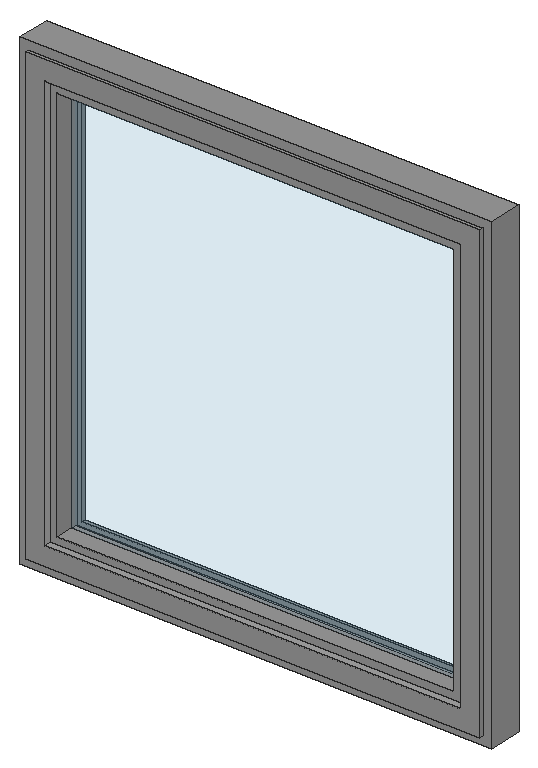
Revit family "Kawneer_Window_GT70s_Pos004", category Windows, host Wall, Revit 2020 (continued)
Definition of nested family "Kawneer_GT70s_Pos004"
  Definition of nested family "Kawneer_GT70s_Jamb"
    Lines and regions (mm)
      model lines, in view "Ref. Level", visible <- "Open", detail levels fine
        curve 306: arc (-55.22, -51.936, 0) -> (-54.7, -52.838, 0) -> (-54.519, -53.863, 0) r 2.996
        curve 307: arc (-54.519, -54.329, 0) -> (-54.502, -54.456, 0) -> (-54.452, -54.574, 0) r 0.5
        curve 308: arc (-53.6, -56.6, 0) -> (-53.659, -56.741, 0) -> (-53.8, -56.8, 0) r 0.2
        curve 309: arc (-54.821, -56.8, 0) -> (-55.08, -56.65, 0) -> (-55.08, -56.35, 0) r 0.3
        curve 310: arc (-55.08, -56.35, 0) -> (-55.6, -55.45, 0) -> (-56.12, -56.35, 0) r 0.6
        curve 311: arc (-56.12, -56.35, 0) -> (-56.12, -56.65, 0) -> (-56.379, -56.8, 0) r 0.3
        curve 312: arc (-57.2, -56.8, 0) -> (-57.341, -56.741, 0) -> (-57.4, -56.6, 0) r 0.2
        curve 313: arc (-56.897, -54.429, 0) -> (-57.114, -53.72, 0) -> (-57.645, -53.201, 0) r 1.5
        curve 314: arc (-58.45, -52.736, 0) -> (-58.816, -52.37, 0) -> (-58.95, -51.87, 0) r 1
        curve 315: arc (-58.95, -26.73, 0) -> (-58.816, -26.23, 0) -> (-58.45, -25.864, 0) r 1
        curve 316: arc (-57.645, -25.399, 0) -> (-57.114, -24.88, 0) -> (-56.897, -24.171, 0) r 1.5
        curve 317: arc (-57.4, -22, 0) -> (-57.341, -21.859, 0) -> (-57.2, -21.8, 0) r 0.2
        curve 318: arc (-56.379, -21.8, 0) -> (-56.12, -21.95, 0) -> (-56.12, -22.25, 0) r 0.3
        curve 319: arc (-56.12, -22.25, 0) -> (-55.6, -23.15, 0) -> (-55.08, -22.25, 0) r 0.6
        curve 320: arc (-55.08, -22.25, 0) -> (-55.08, -21.95, 0) -> (-54.821, -21.8, 0) r 0.3
        curve 321: arc (-53.8, -21.8, 0) -> (-53.659, -21.859, 0) -> (-53.6, -22, 0) r 0.2
        curve 322: arc (-54.452, -24.026, 0) -> (-54.502, -24.144, 0) -> (-54.519, -24.271, 0) r 0.5
        curve 323: arc (-54.519, -24.737, 0) -> (-54.672, -25.773, 0) -> (-55.221, -26.665, 0) r 2.599
        curve 324: arc (-56.605, -28.315, 0) -> (-57.095, -29.143, 0) -> (-57.303, -30.083, 0) r 3.049
        curve 325: arc (-57.303, -30.083, 0) -> (-57.455, -33.587, 0) -> (-57.536, -37.094, 0) r 172.05
        curve 326: arc (-57.536, -37.094, 0) -> (-57.392, -37.451, 0) -> (-57.036, -37.6, 0) r 0.5
        curve 327: arc (-48.75, -37.6, 0) -> (-48.326, -37.776, 0) -> (-48.15, -38.2, 0) r 0.6
        curve 328: arc (-48.15, -38.2, 0) -> (-48.326, -38.624, 0) -> (-48.75, -38.8, 0) r 0.6
        curve 329: arc (-48.748, -39.1, 0) -> (-47.848, -38.2, 0) -> (-48.748, -37.3, 0) r 0.9
        curve 330: arc (-53.348, -39.499, 0) -> (-54.248, -40.399, 0) -> (-53.348, -41.299, 0) r 0.9
        curve 331: arc (-42.707, -37.123, 0) -> (-42.519, -37.18, 0) -> (-42.324, -37.199, 0) r 1
        curve 332: arc (-38.348, -37.199, 0) -> (-37.641, -36.906, 0) -> (-37.348, -36.199, 0) r 1
        curve 333: arc (-37.348, -29.799, 0) -> (-37.788, -28.738, 0) -> (-38.848, -28.299, 0) r 1.5
        curve 334: arc (-42.548, -28.299, 0) -> (-43.609, -28.738, 0) -> (-44.048, -29.799, 0) r 1.5
        curve 335: arc (-44.048, -35.475, 0) -> (-43.972, -35.857, 0) -> (-43.755, -36.182, 0) r 1
        curve 336: arc (-43.031, -36.906, 0) -> (-42.879, -37.03, 0) -> (-42.707, -37.123, 0) r 1
        curve 337: arc (-37.348, -38.899, 0) -> (-37.641, -38.192, 0) -> (-38.348, -37.899, 0) r 1
        curve 338: arc (-41.918, -37.899, 0) -> (-42.372, -38.008, 0) -> (-42.728, -38.311, 0) r 1
        curve 339: arc (-43.857, -39.866, 0) -> (-43.999, -40.145, 0) -> (-44.048, -40.454, 0) r 1
        curve 340: arc (-44.048, -45.299, 0) -> (-43.609, -46.36, 0) -> (-42.548, -46.799, 0) r 1.5
        curve 341: arc (-38.848, -46.799, 0) -> (-37.788, -46.36, 0) -> (-37.348, -45.299, 0) r 1.5
        curve 342: arc (-44.898, -56.6, 0) -> (-44.957, -56.741, 0) -> (-45.098, -56.8, 0) r 0.2
        curve 343: arc (-45.919, -56.8, 0) -> (-46.179, -56.65, 0) -> (-46.178, -56.35, 0) r 0.3
        curve 344: arc (-46.178, -56.35, 0) -> (-46.698, -55.448, 0) -> (-47.218, -56.35, 0) r 0.601
        curve 345: arc (-47.218, -56.35, 0) -> (-47.218, -56.65, 0) -> (-47.478, -56.8, 0) r 0.3
        curve 346: arc (-48.498, -56.8, 0) -> (-48.64, -56.741, 0) -> (-48.698, -56.6, 0) r 0.2
        curve 347: arc (-47.846, -54.574, 0) -> (-47.797, -54.456, 0) -> (-47.779, -54.33, 0) r 0.5
        curve 348: arc (-47.779, -53.863, 0) -> (-47.598, -52.835, 0) -> (-47.075, -51.932, 0) r 2.996
        curve 349: arc (-45.75, -50.353, 0) -> (-45.229, -49.451, 0) -> (-45.048, -48.425, 0) r 3
        curve 350: arc (-45.048, -41.499, 0) -> (-45.195, -41.145, 0) -> (-45.548, -40.999, 0) r 0.5
        curve 351: arc (-53.348, -40.999, 0) -> (-53.948, -40.399, 0) -> (-53.348, -39.799, 0) r 0.6
        curve 352: arc (-45.299, -39.799, 0) -> (-45.072, -39.744, 0) -> (-44.895, -39.593, 0) r 0.5
        curve 353: arc (-44.177, -38.605, 0) -> (-43.975, -37.65, 0) -> (-44.55, -36.86, 0) r 1.2
        curve 354: arc (-44.55, -36.86, 0) -> (-44.756, -36.701, 0) -> (-44.915, -36.493, 0) r 1
        curve 355: arc (-44.915, -36.493, 0) -> (-45.015, -36.252, 0) -> (-45.048, -35.993, 0) r 1
        curve 356: arc (-45.048, -30.173, 0) -> (-45.23, -29.148, 0) -> (-45.75, -28.247, 0) r 3
        curve 357: arc (-47.078, -26.664, 0) -> (-47.599, -25.761, 0) -> (-47.779, -24.733, 0) r 2.996
        curve 358: arc (-47.779, -24.27, 0) -> (-47.797, -24.143, 0) -> (-47.847, -24.024, 0) r 0.5
        curve 359: arc (-48.698, -22, 0) -> (-48.639, -21.858, 0) -> (-48.498, -21.8, 0) r 0.2
        curve 360: arc (-47.478, -21.8, 0) -> (-47.218, -21.95, 0) -> (-47.218, -22.25, 0) r 0.3
        curve 361: arc (-47.218, -22.25, 0) -> (-46.698, -23.173, 0) -> (-46.179, -22.25, 0) r 0.608
        curve 362: arc (-46.179, -22.25, 0) -> (-46.179, -21.95, 0) -> (-45.919, -21.8, 0) r 0.3
        curve 363: arc (-45.098, -21.8, 0) -> (-44.957, -21.859, 0) -> (-44.898, -22, 0) r 0.2
        curve 364: arc (-45.402, -24.171, 0) -> (-45.184, -24.88, 0) -> (-44.653, -25.399, 0) r 1.5
        curve 365: arc (-43.848, -25.864, 0) -> (-43.509, -26.186, 0) -> (-43.354, -26.626, 0) r 1
        curve 366: arc (-43.354, -26.626, 0) -> (-43.11, -27.106, 0) -> (-42.608, -27.299, 0) r 0.75
        curve 367: arc (-37.848, -27.299, 0) -> (-36.788, -27.738, 0) -> (-36.348, -28.799, 0) r 1.5
        curve 368: arc (-36.348, -47.299, 0) -> (-36.386, -47.49, 0) -> (-36.495, -47.652, 0) r 0.5
        curve 369: arc (-36.495, -47.652, 0) -> (-36.657, -47.761, 0) -> (-36.848, -47.799, 0) r 0.5
        curve 370: arc (-42.348, -47.799, 0) -> (-43.055, -48.092, 0) -> (-43.348, -48.799, 0) r 1
        curve 371: arc (-43.348, -51.87, 0) -> (-43.482, -52.37, 0) -> (-43.848, -52.736, 0) r 1
        curve 372: arc (-44.653, -53.201, 0) -> (-45.184, -53.72, 0) -> (-45.402, -54.429, 0) r 1.5
        curve 373: arc (-23.123, -48.448, 0) -> (-22.961, -48.34, 0) -> (-22.769, -48.302, 0) r 0.5
        curve 374: arc (-21.98, -48.302, 0) -> (-21.592, -48.486, 0) -> (-21.49, -48.902, 0) r 0.5
        curve 375: arc (-21.49, -48.902, 0) -> (-21.837, -49.477, 0) -> (-22.469, -49.702, 0) r 1
        curve 376: arc (-22.769, -49.702, 0) -> (-23.123, -49.556, 0) -> (-23.269, -49.202, 0) r 0.5
        curve 377: arc (-23.269, -48.802, 0) -> (-23.231, -48.611, 0) -> (-23.123, -48.448, 0) r 0.5
        curve 378: arc (-23.269, -50.864, 0) -> (-23.123, -50.511, 0) -> (-22.769, -50.364, 0) r 0.5
        curve 379: arc (-22.469, -50.364, 0) -> (-22.116, -50.511, 0) -> (-21.969, -50.864, 0) r 0.5
        curve 380: arc (-21.969, -51.264, 0) -> (-22.116, -51.618, 0) -> (-22.469, -51.764, 0) r 0.5
        curve 381: arc (-22.769, -51.764, 0) -> (-23.123, -51.618, 0) -> (-23.269, -51.264, 0) r 0.5
        curve 382: arc (-22.417, -47.337, 0) -> (-23.203, -47.721, 0) -> (-23.75, -47.038, 0) r 0.7
        curve 383: arc (-23.75, -45.879, 0) -> (-23.828, -45.72, 0) -> (-24.001, -45.685, 0) r 0.2
        curve 384: arc (-24.001, -45.685, 0) -> (-24.538, -45.926, 0) -> (-24.969, -46.327, 0) r 1.8
        curve 385: arc (-24.969, -46.327, 0) -> (-25.247, -46.846, 0) -> (-25.343, -47.426, 0) r 1.8
        curve 386: arc (-25.478, -48.971, 0) -> (-26.249, -50.38, 0) -> (-27.807, -50.768, 0) r 2
        curve 387: arc (-37.792, -49.066, 0) -> (-37.975, -48.917, 0) -> (-37.74, -48.895, 0) r 0.127
        curve 388: arc (-33.917, -49.648, 0) -> (-33.407, -49.439, 0) -> (-33.399, -48.888, 0) r 0.5
        curve 389: arc (-33.399, -48.888, 0) -> (-34.305, -48.041, 0) -> (-35.507, -47.733, 0) r 2.5
        curve 390: arc (-38.535, -47.733, 0) -> (-39.49, -48.435, 0) -> (-39.104, -49.555, 0) r 1
        curve 391: arc (-38.829, -49.745, 0) -> (-34.447, -52.327, 0) -> (-29.736, -54.247, 0) r 35
        curve 392: arc (-24.062, -56.09, 0) -> (-23.882, -56.062, 0) -> (-23.8, -55.9, 0) r 0.2
        curve 393: arc (-23.8, -53.033, 0) -> (-23.123, -52.333, 0) -> (-22.402, -52.987, 0) r 0.7
        curve 394: arc (-19.45, -52.318, 0) -> (-19.34, -52.208, 0) -> (-19.3, -52.058, 0) r 0.3
        curve 395: arc (-19.3, -50.838, 0) -> (-19.703, -50.435, 0) -> (-20.105, -50.838, 0) r 0.403
        curve 396: arc (-20.105, -51.044, 0) -> (-20.43, -51.369, 0) -> (-20.755, -51.044, 0) r 0.325
        curve 397: arc (-20.755, -50.331, 0) -> (-20.665, -50.044, 0) -> (-20.427, -49.861, 0) r 0.5
        curve 398: arc (-20.427, -49.861, 0) -> (-19.714, -49.312, 0) -> (-19.443, -48.453, 0) r 1.5
        curve 399: arc (-19.443, -48.22, 0) -> (-19.482, -48.073, 0) -> (-19.588, -47.964, 0) r 0.3
        curve 400: arc (-21.314, 5.418, 0) -> (-21.379, 5.548, 0) -> (-21.514, 5.601, 0) r 0.2
        curve 401: arc (-22.186, 5.601, 0) -> (-22.321, 5.548, 0) -> (-22.386, 5.418, 0) r 0.2
        curve 402: arc (-22.499, 4.118, 0) -> (-22.447, 3.966, 0) -> (-22.3, 3.901, 0) r 0.2
        curve 403: arc (-21.4, 3.901, 0) -> (-21.253, 3.966, 0) -> (-21.201, 4.118, 0) r 0.2
        curve 404: arc (-19.374, 0.801, 0) -> (-18.827, 1.016, 0) -> (-18.575, 1.547, 0) r 0.8
        curve 405: arc (-18.575, 1.547, 0) -> (-18.557, 2.183, 0) -> (-18.588, 2.818, 0) r 8.2
        curve 406: arc (-18.588, 2.818, 0) -> (-18.652, 2.948, 0) -> (-18.787, 3.001, 0) r 0.2
        curve 407: arc (-22.98, 3.001, 0) -> (-23.079, 2.92, 0) -> (-23.018, 2.808, 0) r 0.1
        curve 408: arc (-23.018, 2.808, 0) -> (-21.725, 2.548, 0) -> (-20.427, 2.788, 0) r 3.48
        curve 409: arc (-20.427, 2.788, 0) -> (-19.497, 2.631, 0) -> (-19.262, 1.718, 0) r 0.866
        curve 410: arc (-19.262, 1.718, 0) -> (-19.522, 1.279, 0) -> (-19.938, 0.984, 0) r 1.222
        curve 411: arc (-24.001, 1.423, 0) -> (-23.692, 1.905, 0) -> (-23.21, 1.597, 0) r 0.405
        curve 412: arc (-23.21, 1.597, 0) -> (-22.892, 1.058, 0) -> (-22.318, 0.809, 0) r 1.009
        curve 413: arc (-22.318, 0.809, 0) -> (-22.054, 0.8, 0) -> (-21.79, 0.822, 0) r 2.275
        curve 414: arc (-21.79, 0.822, 0) -> (-21.531, 0.873, 0) -> (-21.28, 0.955, 0) r 2.275
        curve 415: arc (-21.28, 0.955, 0) -> (-20.591, 1.326, 0) -> (-20.012, 1.851, 0) r 3.222
        curve 416: arc (-20.012, 1.851, 0) -> (-20.004, 2.011, 0) -> (-20.157, 2.057, 0) r 0.13
        curve 417: arc (-20.157, 2.057, 0) -> (-22.9, 1.942, 0) -> (-25.143, 3.524, 0) r 4.258
        curve 418: arc (-25.143, 3.524, 0) -> (-25.167, 3.837, 0) -> (-24.9, 4.001, 0) r 0.3
        curve 419: arc (-23.5, 4.001, 0) -> (-23.359, 4.059, 0) -> (-23.3, 4.201, 0) r 0.2
        curve 420: arc (-23.735, 5.377, 0) -> (-23.897, 5.54, 0) -> (-23.8, 5.747, 0) r 0.2
        curve 421: arc (-19.9, 5.747, 0) -> (-19.803, 5.54, 0) -> (-19.965, 5.377, 0) r 0.2
        curve 422: arc (-20.4, 4.201, 0) -> (-20.341, 4.059, 0) -> (-20.2, 4.001, 0) r 0.2
        curve 423: arc (-18.2, 4.001, 0) -> (-18.008, 3.931, 0) -> (-17.905, 3.754, 0) r 0.3
        curve 424: arc (-17.905, 3.754, 0) -> (-17.771, 2.624, 0) -> (-17.778, 1.486, 0) r 9.161
        curve 425: arc (-17.778, 1.486, 0) -> (-18.282, 0.426, 0) -> (-19.374, -0.005, 0) r 1.6
        curve 426: arc (-22.244, -0.005, 0) -> (-23.371, 0.402, 0) -> (-24.001, 1.423, 0) r 1.819
        curve 427: arc (-34.4, -68.117, 0) -> (-34.452, -67.965, 0) -> (-34.6, -67.9, 0) r 0.2
        curve 428: arc (-35.4, -67.9, 0) -> (-35.547, -67.965, 0) -> (-35.599, -68.117, 0) r 0.2
        curve 429: arc (-35.485, -69.417, 0) -> (-35.421, -69.547, 0) -> (-35.286, -69.6, 0) r 0.2
        curve 430: arc (-36.686, -69.913, 0) -> (-36.839, -69.47, 0) -> (-36.516, -69.131, 0) r 0.45
        curve 431: arc (-36.4, -68.3, 0) -> (-36.488, -68.088, 0) -> (-36.7, -68, 0) r 0.3
        curve 432: arc (-39.099, -68, 0) -> (-39.319, -68.097, 0) -> (-39.398, -68.324, 0) r 0.3
        curve 433: arc (-39.4, -72, 0) -> (-40.226, -71.752, 0) -> (-40.779, -71.09, 0) r 1.5
        curve 434: arc (-40.779, -71.09, 0) -> (-41.567, -70.008, 0) -> (-42.747, -69.376, 0) r 3
        curve 435: arc (-46.63, -68.317, 0) -> (-46.991, -67.746, 0) -> (-46.453, -67.337, 0) r 0.5
        curve 436: arc (-41.435, -67.798, 0) -> (-41.072, -67.686, 0) -> (-40.892, -67.35, 0) r 0.5
        curve 437: arc (-40.892, -67.35, 0) -> (-40.406, -66.388, 0) -> (-39.4, -66, 0) r 1.5
        curve 438: arc (-32.4, -66, 0) -> (-31.339, -66.439, 0) -> (-30.9, -67.5, 0) r 1.5
        curve 439: arc (-33.3, -68, 0) -> (-33.512, -68.088, 0) -> (-33.6, -68.3, 0) r 0.3
        curve 440: arc (-59, -63.646, 0) -> (-59.146, -63.293, 0) -> (-59.5, -63.146, 0) r 0.5
        curve 441: arc (-64, -62.646, 0) -> (-63.854, -63, 0) -> (-63.5, -63.146, 0) r 0.5
        curve 442: arc (-63.5, -51.646, 0) -> (-63.854, -51.793, 0) -> (-64, -52.146, 0) r 0.5
        curve 443: arc (-59.5, -51.646, 0) -> (-59.146, -51.5, 0) -> (-59, -51.146, 0) r 0.5
        curve 444: arc (-64, -49.146, 0) -> (-63.854, -49.5, 0) -> (-63.5, -49.646, 0) r 0.5
        curve 445: arc (-59, -50.146, 0) -> (-59.146, -49.793, 0) -> (-59.5, -49.646, 0) r 0.5
        curve 446: arc (-59.5, -22.646, 0) -> (-59.146, -22.5, 0) -> (-59, -22.146, 0) r 0.5
        curve 447: arc (-63.5, -22.646, 0) -> (-63.854, -22.793, 0) -> (-64, -23.146, 0) r 0.5
        curve 448: arc (-59.001, -18.671, 0) -> (-59.138, -18.302, 0) -> (-59.5, -18.146, 0) r 0.5
        curve 449: arc (-61, -18.146, 0) -> (-61.354, -18.293, 0) -> (-61.5, -18.646, 0) r 0.5
        curve 450: arc (-62, -20.646, 0) -> (-61.646, -20.5, 0) -> (-61.5, -20.146, 0) r 0.5
        curve 451: arc (-62.188, -3.988, 0) -> (-61.976, -3.9, 0) -> (-61.764, -3.988, 0) r 0.3
        curve 452: arc (-61.205, -4.546, 0) -> (-61.097, -5.091, 0) -> (-61.559, -5.4, 0) r 0.5
        curve 453: arc (-64.238, -5.4, 0) -> (-65.238, -5.132, 0) -> (-65.97, -4.4, 0) r 2
        curve 454: arc (-67.5, -1.75, 0) -> (-67.683, -1.567, 0) -> (-67.933, -1.5, 0) r 0.5
        curve 455: arc (-76.078, -1.5, 0) -> (-77.11, -1.911, 0) -> (-77.576, -2.92, 0) r 1.5
        curve 456: arc (-77.744, -12.082, 0) -> (-77.458, -12.801, 0) -> (-76.744, -13.1, 0) r 1
        curve 457: arc (-60.356, -13.1, 0) -> (-59.481, -13.772, 0) -> (-59.903, -14.792, 0) r 0.906
        curve 458: arc (-61.534, -15.733, 0) -> (-61.655, -15.783, 0) -> (-61.784, -15.8, 0) r 0.5
        curve 459: arc (-62.25, -15.8, 0) -> (-62.391, -15.741, 0) -> (-62.45, -15.6, 0) r 0.2
        curve 460: arc (-61.709, -14.541, 0) -> (-61.665, -14.323, 0) -> (-61.85, -14.2, 0) r 0.2
        curve 461: arc (-77.3, -14.2, 0) -> (-77.654, -14.346, 0) -> (-77.8, -14.7, 0) r 0.5
        curve 462: arc (-77.8, -28.9, 0) -> (-77.654, -29.254, 0) -> (-77.3, -29.4, 0) r 0.5
        curve 463: arc (-77.2, -29.4, 0) -> (-76.846, -29.546, 0) -> (-76.7, -29.9, 0) r 0.5
        curve 464: arc (-76.7, -30.4, 0) -> (-76.846, -30.754, 0) -> (-77.2, -30.9, 0) r 0.5
        curve 465: arc (-78.5, -30.9, 0) -> (-78.854, -30.754, 0) -> (-79, -30.4, 0) r 0.5
        curve 466: arc (-79, -0.5, 0) -> (-78.854, -0.146, 0) -> (-78.5, 0, 0) r 0.5
        curve 467: arc (-64.7, 0, 0) -> (-64.346, -0.146, 0) -> (-64.2, -0.5, 0) r 0.5
        curve 468: arc (-64.2, -1, 0) -> (-64.259, -1.141, 0) -> (-64.4, -1.2, 0) r 0.2
        curve 469: arc (-65.566, -1.2, 0) -> (-65.999, -1.45, 0) -> (-65.999, -1.95, 0) r 0.5
        curve 470: arc (-64.989, -3.7, 0) -> (-64.623, -4.066, 0) -> (-64.123, -4.2, 0) r 1
        curve 471: arc (-62.566, -4.2, 0) -> (-62.413, -4.17, 0) -> (-62.283, -4.083, 0) r 0.4
        curve 472: spline (-76.891, -35.351, 0) -> (-77.086, -35.603, 0) -> (-77.298, -35.838, 0) -> (-77.527, -36.055, 0) -> (-77.77, -36.253, 0) -> (-78.026, -36.43, 0) -> (-78.295, -36.586, 0) -> (-78.574, -36.719, 0) -> (-78.861, -36.83, 0) -> (-79.156, -36.916, 0) -> (-79.456, -36.978, 0) -> (-79.759, -37.016, 0) -> (-80.064, -37.028, 0)
        curve 473: spline (-76.891, -35.351, 0) -> (-76.752, -35.2, 0) -> (-76.596, -35.069, 0) -> (-76.426, -34.96, 0) -> (-76.245, -34.876, 0) -> (-76.055, -34.816, 0) -> (-75.859, -34.784, 0) -> (-75.661, -34.778, 0) -> (-75.464, -34.799, 0) -> (-75.272, -34.847, 0) -> (-75.086, -34.921, 0) -> (-74.911, -35.02, 0) -> (-74.749, -35.142, 0)
        curve 474: spline (-69.697, -37.028, 0) -> (-70.151, -37.017, 0) -> (-70.604, -36.978, 0) -> (-71.054, -36.912, 0) -> (-71.501, -36.819, 0) -> (-71.941, -36.698, 0) -> (-72.374, -36.551, 0) -> (-72.799, -36.378, 0) -> (-73.214, -36.179, 0) -> (-73.618, -35.955, 0) -> (-74.009, -35.707, 0) -> (-74.387, -35.436, 0) -> (-74.749, -35.142, 0)
        curve 475: spline (-69.509, -35.776, 0) -> (-69.382, -35.84, 0) -> (-69.273, -35.934, 0) -> (-69.186, -36.053, 0) -> (-69.128, -36.189, 0) -> (-69.102, -36.337, 0) -> (-69.108, -36.487, 0) -> (-69.146, -36.632, 0) -> (-69.214, -36.763, 0) -> (-69.31, -36.873, 0) -> (-69.426, -36.957, 0) -> (-69.557, -37.01, 0) -> (-69.697, -37.028, 0)
        curve 476: spline (-69.509, -35.776, 0) -> (-69.816, -35.653, 0) -> (-70.115, -35.509, 0) -> (-70.404, -35.344, 0) -> (-70.683, -35.159, 0) -> (-70.95, -34.956, 0) -> (-71.204, -34.733, 0) -> (-71.444, -34.494, 0) -> (-71.668, -34.238, 0) -> (-71.877, -33.967, 0) -> (-72.068, -33.682, 0) -> (-72.242, -33.384, 0) -> (-72.397, -33.074, 0)
        curve 477: spline (-72.397, -33.074, 0) -> (-72.462, -32.932, 0) -> (-72.527, -32.789, 0) -> (-72.59, -32.645, 0) -> (-72.653, -32.501, 0) -> (-72.716, -32.357, 0) -> (-72.777, -32.213, 0) -> (-72.838, -32.068, 0) -> (-72.897, -31.922, 0) -> (-72.956, -31.776, 0) -> (-73.015, -31.63, 0) -> (-73.072, -31.484, 0) -> (-73.129, -31.337, 0)
        curve 478: spline (-73.736, -30.94, 0) -> (-73.673, -30.938, 0) -> (-73.609, -30.943, 0) -> (-73.547, -30.955, 0) -> (-73.486, -30.974, 0) -> (-73.427, -30.999, 0) -> (-73.371, -31.032, 0) -> (-73.319, -31.07, 0) -> (-73.271, -31.114, 0) -> (-73.227, -31.163, 0) -> (-73.189, -31.217, 0) -> (-73.156, -31.276, 0) -> (-73.129, -31.337, 0)
        curve 479: spline (-74.46, -31.008, 0) -> (-74.479, -31.009, 0) -> (-74.499, -31.009, 0) -> (-74.518, -31.007, 0) -> (-74.538, -31.004, 0) -> (-74.557, -31, 0) -> (-74.576, -30.994, 0) -> (-74.594, -30.987, 0) -> (-74.613, -30.979, 0) -> (-74.63, -30.969, 0) -> (-74.647, -30.959, 0) -> (-74.663, -30.947, 0) -> (-74.679, -30.934, 0)
        curve 480: spline (-75.611, -30.412, 0) -> (-75.589, -30.378, 0) -> (-75.563, -30.348, 0) -> (-75.533, -30.323, 0) -> (-75.5, -30.303, 0) -> (-75.464, -30.289, 0) -> (-75.427, -30.28, 0) -> (-75.389, -30.278, 0) -> (-75.351, -30.282, 0) -> (-75.314, -30.292, 0) -> (-75.279, -30.308, 0) -> (-75.246, -30.33, 0) -> (-75.217, -30.356, 0)
        curve 481: spline (-75.856, -30.867, 0) -> (-75.87, -30.891, 0) -> (-75.886, -30.913, 0) -> (-75.904, -30.934, 0) -> (-75.923, -30.953, 0) -> (-75.944, -30.97, 0) -> (-75.966, -30.985, 0) -> (-75.989, -30.998, 0) -> (-76.013, -31.009, 0) -> (-76.038, -31.017, 0) -> (-76.064, -31.023, 0) -> (-76.09, -31.027, 0) -> (-76.116, -31.028, 0)
        curve 482: spline (-78.894, -31.028, 0) -> (-78.936, -31.025, 0) -> (-78.976, -31.016, 0) -> (-79.015, -31.001, 0) -> (-79.052, -30.98, 0) -> (-79.085, -30.954, 0) -> (-79.115, -30.924, 0) -> (-79.141, -30.889, 0) -> (-79.162, -30.851, 0) -> (-79.178, -30.81, 0) -> (-79.189, -30.767, 0) -> (-79.194, -30.723, 0) -> (-79.193, -30.679, 0)
        curve 483: spline (-79.492, -27.974, 0) -> (-79.442, -27.935, 0) -> (-79.384, -27.908, 0) -> (-79.323, -27.894, 0) -> (-79.26, -27.895, 0) -> (-79.199, -27.909, 0) -> (-79.141, -27.937, 0) -> (-79.091, -27.977, 0) -> (-79.049, -28.027, 0) -> (-79.018, -28.085, 0) -> (-78.999, -28.149, 0) -> (-78.993, -28.216, 0) -> (-79, -28.283, 0)
        curve 484: spline (-80.487, -29.447, 0) -> (-80.428, -29.308, 0) -> (-80.364, -29.171, 0) -> (-80.296, -29.037, 0) -> (-80.223, -28.906, 0) -> (-80.146, -28.778, 0) -> (-80.064, -28.652, 0) -> (-79.979, -28.53, 0) -> (-79.889, -28.412, 0) -> (-79.796, -28.297, 0) -> (-79.698, -28.185, 0) -> (-79.597, -28.078, 0) -> (-79.492, -27.974, 0)
        curve 485: spline (-81.118, -32.084, 0) -> (-81.09, -31.859, 0) -> (-81.057, -31.634, 0) -> (-81.019, -31.41, 0) -> (-80.978, -31.187, 0) -> (-80.931, -30.965, 0) -> (-80.881, -30.744, 0) -> (-80.826, -30.524, 0) -> (-80.767, -30.306, 0) -> (-80.703, -30.089, 0) -> (-80.635, -29.873, 0) -> (-80.563, -29.659, 0) -> (-80.487, -29.447, 0)
        curve 486: spline (-81.118, -32.084, 0) -> (-81.15, -32.334, 0) -> (-81.187, -32.583, 0) -> (-81.23, -32.831, 0) -> (-81.278, -33.078, 0) -> (-81.331, -33.323, 0) -> (-81.39, -33.568, 0) -> (-81.454, -33.81, 0) -> (-81.524, -34.051, 0) -> (-81.599, -34.29, 0) -> (-81.679, -34.527, 0) -> (-81.764, -34.762, 0) -> (-81.855, -34.995, 0)
        curve 487: spline (-81.415, -35.586, 0) -> (-81.486, -35.593, 0) -> (-81.558, -35.586, 0) -> (-81.627, -35.566, 0) -> (-81.692, -35.532, 0) -> (-81.75, -35.487, 0) -> (-81.8, -35.431, 0) -> (-81.839, -35.367, 0) -> (-81.868, -35.296, 0) -> (-81.884, -35.221, 0) -> (-81.887, -35.144, 0) -> (-81.877, -35.068, 0) -> (-81.855, -34.995, 0)
        curve 488: spline (-79.268, -33.411, 0) -> (-79.353, -33.668, 0) -> (-79.458, -33.917, 0) -> (-79.583, -34.156, 0) -> (-79.726, -34.382, 0) -> (-79.887, -34.594, 0) -> (-80.064, -34.791, 0) -> (-80.255, -34.971, 0) -> (-80.461, -35.133, 0) -> (-80.678, -35.276, 0) -> (-80.906, -35.399, 0) -> (-81.143, -35.5, 0) -> (-81.387, -35.579, 0)
        curve 489: spline (-79.268, -33.411, 0) -> (-79.192, -33.241, 0) -> (-79.074, -33.101, 0) -> (-78.923, -33.005, 0) -> (-78.752, -32.96, 0) -> (-78.576, -32.969, 0) -> (-78.411, -33.033, 0) -> (-78.27, -33.145, 0) -> (-78.165, -33.297, 0) -> (-78.106, -33.474, 0) -> (-78.097, -33.662, 0) -> (-78.14, -33.845, 0) -> (-78.23, -34.007, 0)
        curve 490: spline (-78.23, -34.007, 0) -> (-78.307, -34.114, 0) -> (-78.39, -34.217, 0) -> (-78.477, -34.315, 0) -> (-78.568, -34.409, 0) -> (-78.664, -34.498, 0) -> (-78.763, -34.581, 0) -> (-78.866, -34.66, 0) -> (-78.973, -34.733, 0) -> (-79.083, -34.8, 0) -> (-79.196, -34.861, 0) -> (-79.311, -34.917, 0) -> (-79.429, -34.966, 0)
        curve 491: spline (-79.429, -34.966, 0) -> (-79.679, -35.072, 0) -> (-79.932, -35.17, 0) -> (-80.187, -35.261, 0) -> (-80.444, -35.345, 0) -> (-80.703, -35.421, 0) -> (-80.964, -35.49, 0) -> (-81.226, -35.552, 0) -> (-81.49, -35.605, 0) -> (-81.755, -35.651, 0) -> (-82.022, -35.69, 0) -> (-82.289, -35.721, 0) -> (-82.557, -35.744, 0)
        curve 492: spline (-82.517, -37.028, 0) -> (-82.669, -37.007, 0) -> (-82.811, -36.945, 0) -> (-82.934, -36.847, 0) -> (-83.029, -36.719, 0) -> (-83.092, -36.569, 0) -> (-83.116, -36.407, 0) -> (-83.102, -36.243, 0) -> (-83.049, -36.089, 0) -> (-82.962, -35.954, 0) -> (-82.845, -35.847, 0) -> (-82.707, -35.776, 0) -> (-82.557, -35.744, 0)
        curve 493: arc (-76.397, -68.865, 0) -> (-76.441, -69.029, 0) -> (-76.594, -69.1, 0) r 0.2
        curve 494: arc (-76.75, -69.1, 0) -> (-76.928, -69.208, 0) -> (-76.914, -69.415, 0) r 0.2
        curve 495: arc (-76.494, -70.015, 0) -> (-76.422, -70.077, 0) -> (-76.33, -70.1, 0) r 0.2
        curve 496: arc (-75.765, -70.1, 0) -> (-75.665, -70.073, 0) -> (-75.592, -70, 0) r 0.2
        curve 497: arc (-75.173, -69.274, 0) -> (-75, -69.174, 0) -> (-74.827, -69.274, 0) r 0.2
        curve 498: arc (-74.408, -70, 0) -> (-74.335, -70.073, 0) -> (-74.235, -70.1, 0) r 0.2
        curve 499: arc (-73.67, -70.1, 0) -> (-73.578, -70.077, 0) -> (-73.506, -70.015, 0) r 0.2
        curve 500: arc (-73.086, -69.415, 0) -> (-73.073, -69.207, 0) -> (-73.25, -69.1, 0) r 0.2
        curve 501: arc (-73.406, -69.1, 0) -> (-73.559, -69.029, 0) -> (-73.603, -68.865, 0) r 0.2
        curve 502: arc (-71.41, -68, 0) -> (-71.275, -67.947, 0) -> (-71.211, -67.817, 0) r 0.2
        curve 503: arc (-70.835, -65.217, 0) -> (-70.886, -65.065, 0) -> (-71.034, -65, 0) r 0.2
        curve 504: arc (-72.747, -65, 0) -> (-72.868, -65.041, 0) -> (-72.94, -65.148, 0) r 0.2
        curve 505: arc (-73.101, -65.752, 0) -> (-73.173, -65.859, 0) -> (-73.295, -65.9, 0) r 0.2
        curve 506: arc (-76.706, -65.9, 0) -> (-76.827, -65.858, 0) -> (-76.899, -65.752, 0) r 0.2
        curve 507: arc (-77.06, -65.148, 0) -> (-77.132, -65.041, 0) -> (-77.253, -65, 0) r 0.2
        curve 508: arc (-78.966, -65, 0) -> (-79.114, -65.065, 0) -> (-79.165, -65.217, 0) r 0.2
        curve 509: arc (-78.789, -67.817, 0) -> (-78.725, -67.947, 0) -> (-78.59, -68, 0) r 0.2
        curve 631: line (-36.392, -66, 0) -> (-38.5, -68, 0)
        curve 668: line (-57, -70.5, 0) -> (-54.5, -70.5, 0)
        curve 669: line (-54, -70, 0) -> (-54, -67.8, 0)
        curve 670: line (-52, -65.8, 0) -> (-47.3, -65.8, 0)
        curve 671: line (-47.1, -65.6, 0) -> (-47.1, -58.6, 0)
        curve 672: line (-47.3, -58.4, 0) -> (-57.3, -58.4, 0)
        curve 673: line (-57.5, -58.6, 0) -> (-57.5, -70, 0)
        curve 674: line (-51.5, -72, 0) -> (-78.5, -72, 0)
        curve 675: line (-79, -71.5, 0) -> (-79, -68.5, 0)
        curve 676: line (-75.384, -69.639, 0) -> (-76.5, -68.5, 0)
        curve 677: line (-76.5, -68.5, 0) -> (-76.5, -68.8, 0)
        curve 678: line (-76.5, -68.8, 0) -> (-76.55, -68, 0)
        curve 679: line (-76.55, -68, 0) -> (-78.5, -68, 0)
        curve 680: line (-78.5, -68, 0) -> (-77, -68, 0)
        curve 681: line (-77, -68, 0) -> (-79.057, -65.967, 0)
        curve 682: line (-76.7, -69, 0) -> (-77.3, -69, 0)
        curve 683: line (-77.8, -69.5, 0) -> (-77.8, -70.1, 0)
        curve 684: line (-77.3, -70.6, 0) -> (-72.7, -70.6, 0)
        curve 685: line (-72.2, -70.1, 0) -> (-72.2, -69.5, 0)
        curve 686: line (-72.7, -69, 0) -> (-73.3, -69, 0)
        curve 687: line (-71.41, -68, 0) -> (-73.45, -68, 0)
        curve 688: line (-73.45, -68, 0) -> (-73.5, -68.8, 0)
        curve 689: line (-73.5, -68.8, 0) -> (-73.5, -68.5, 0)
        curve 690: line (-73.5, -68.5, 0) -> (-74.616, -69.639, 0)
        curve 691: line (-70.943, -65.967, 0) -> (-73, -68, 0)
        curve 692: line (-73, -68, 0) -> (-69.9, -68, 0)
        curve 693: line (-69.9, -68.8, 0) -> (-70.8, -68.8, 0)
        curve 694: line (-71, -69, 0) -> (-71, -69.9, 0)
        curve 695: line (-70.5, -70.4, 0) -> (-68, -70.4, 0)
        curve 696: line (-68, -70.4, 0) -> (-59.489, -70.211, 0)
        curve 697: line (-59, -69.711, 0) -> (-59, -53.933, 0)
        curve 698: line (-56.973, -55.042, 0) -> (-57.587, -56.523, 0)
        curve 699: line (-57.402, -56.8, 0) -> (-53.8, -56.8, 0)
        curve 700: line (-53.8, -56.8, 0) -> (-54.821, -56.8, 0)
        curve 701: line (-53.6, -56.6, 0) -> (-53.6, -56.06, 0)
        curve 702: line (-53.6, -56.06, 0) -> (-54.386, -54.698, 0)
        curve 703: line (-54.386, -54.698, 0) -> (-53.6, -56.05, 0)
        curve 704: line (-53.6, -56.05, 0) -> (-53.6, -56.6, 0)
        curve 705: line (-54.519, -53.863, 0) -> (-54.416, -54.3, 0)
        curve 706: line (-54.416, -54.3, 0) -> (-54.039, -54.3, 0)
        curve 707: line (-48.261, -54.3, 0) -> (-47.884, -54.3, 0)
        curve 708: line (-47.884, -54.3, 0) -> (-47.779, -53.863, 0)
        curve 709: line (-47.914, -54.698, 0) -> (-48.7, -56.06, 0)
        curve 710: line (-48.7, -56.06, 0) -> (-48.7, -56.6, 0)
        curve 711: line (-48.7, -56.6, 0) -> (-48.698, -56.05, 0)
        curve 712: line (-48.698, -56.05, 0) -> (-47.846, -54.574, 0)
        curve 713: line (-47.478, -56.8, 0) -> (-48.5, -56.8, 0)
        curve 714: line (-48.5, -56.8, 0) -> (-44.898, -56.8, 0)
        curve 715: line (-44.713, -56.523, 0) -> (-45.327, -55.042, 0)
        curve 716: line (-44.898, -56.6, 0) -> (-44.898, -55.719, 0)
        curve 717: line (-44.898, -55.719, 0) -> (-45.48, -54.672, 0)
        curve 718: line (-45.48, -54.672, 0) -> (-44.379, -54.036, 0)
        curve 719: line (-44.379, -54.036, 0) -> (-43.75, -53.673, 0)
        curve 720: line (-43.3, -53.933, 0) -> (-43.3, -57.228, 0)
        curve 721: line (-43.13, -57.426, 0) -> (-42.263, -57.588, 0)
        curve 722: line (-42.1, -57.785, 0) -> (-42.1, -58.4, 0)
        curve 723: line (-42.3, -58.6, 0) -> (-45.1, -58.6, 0)
        curve 724: line (-45.6, -59.1, 0) -> (-45.6, -65.3, 0)
        curve 725: line (-45.1, -65.8, 0) -> (-43.7, -65.8, 0)
        curve 726: line (-43.2, -66.3, 0) -> (-43.2, -66.8, 0)
        curve 727: line (-43.7, -67.3, 0) -> (-52, -67.3, 0)
        curve 728: line (-52.5, -67.8, 0) -> (-52.5, -70, 0)
        curve 729: line (-52, -70.5, 0) -> (-51.5, -70.5, 0)
        curve 730: line (-51, -71, 0) -> (-51, -71.5, 0)
        curve 731: line (-41.8, 6.3, 0) -> (-41.8, -19.8, 0)
        curve 732: line (-42, -20, 0) -> (-43.6, -20, 0)
        curve 733: line (-43.946, -20.2, 0) -> (-55.527, -20.2, 0)
        curve 734: line (-55.873, -20, 0) -> (-57, -20, 0)
        curve 735: line (-57.2, -19.8, 0) -> (-57.2, -18.7, 0)
        curve 736: line (-57.5, -18.313, 0) -> (-57.5, -3.887, 0)
        curve 737: line (-57.2, -3.5, 0) -> (-57.2, -2.405, 0)
        curve 738: line (-59.482, -0.3, 0) -> (-61.418, -0.3, 0)
        curve 739: line (-61.828, 0.487, 0) -> (-57.767, 6.287, 0)
        curve 740: line (-57.357, 6.5, 0) -> (-42, 6.5, 0)
        curve 741: line (-20, 8, 0) -> (-57.357, 8, 0)
        curve 742: line (-58.996, 7.147, 0) -> (-63.91, 0.129, 0)
        curve 743: line (-64, -0.158, 0) -> (-64, -2.342, 0)
        curve 744: line (-62.5, -4, 0) -> (-62.5, -2.3, 0)
        curve 745: line (-62, -1.8, 0) -> (-59.5, -1.8, 0)
        curve 746: line (-59, -2.3, 0) -> (-59, -15.8, 0)
        curve 747: line (-59.5, -16.3, 0) -> (-62, -16.3, 0)
        curve 748: line (-62.5, -15.8, 0) -> (-62.5, -14.4, 0)
        curve 749: line (-63.8, -15.839, 0) -> (-63.8, -17, 0)
        curve 750: line (-62.8, -18, 0) -> (-59.7, -18, 0)
        curve 751: line (-59, -22.146, 0) -> (-59, -18.7, 0)
        curve 752: line (-59, -18.7, 0) -> (-59, -24.667, 0)
        curve 753: line (-58.55, -24.927, 0) -> (-57.921, -24.564, 0)
        curve 754: line (-57.921, -24.564, 0) -> (-56.82, -23.928, 0)
        curve 755: line (-56.82, -23.928, 0) -> (-57.4, -22.881, 0)
        curve 756: line (-57.4, -22.881, 0) -> (-57.4, -22, 0)
        curve 757: line (-56.973, -23.558, 0) -> (-57.587, -22.077, 0)
        curve 758: line (-57.402, -21.8, 0) -> (-53.8, -21.8, 0)
        curve 759: line (-53.8, -21.8, 0) -> (-54.821, -21.8, 0)
        curve 760: line (-54.452, -24.026, 0) -> (-53.6, -22.55, 0)
        curve 761: line (-53.6, -22.55, 0) -> (-53.6, -22, 0)
        curve 762: line (-53.6, -22, 0) -> (-53.6, -22.54, 0)
        curve 763: line (-53.6, -22.54, 0) -> (-54.386, -23.902, 0)
        curve 764: line (-54.519, -24.737, 0) -> (-54.416, -24.3, 0)
        curve 765: line (-54.416, -24.3, 0) -> (-54.039, -24.3, 0)
        curve 766: line (-48.261, -24.3, 0) -> (-47.884, -24.3, 0)
        curve 767: line (-47.884, -24.3, 0) -> (-47.779, -24.733, 0)
        curve 768: line (-48.698, -22.027, 0) -> (-48.698, -22.55, 0)
        curve 769: line (-48.698, -22.55, 0) -> (-47.914, -23.902, 0)
        curve 770: line (-47.914, -23.902, 0) -> (-48.7, -22.54, 0)
        curve 771: line (-48.7, -22.54, 0) -> (-48.7, -22, 0)
        curve 772: line (-47.478, -21.8, 0) -> (-48.5, -21.8, 0)
        curve 773: line (-48.5, -21.8, 0) -> (-44.898, -21.8, 0)
        curve 774: line (-44.713, -22.077, 0) -> (-45.327, -23.558, 0)
        curve 775: line (-43.3, -24.667, 0) -> (-43.3, -22.3, 0)
        curve 776: line (-42.8, -21.8, 0) -> (-42, -21.8, 0)
        curve 777: line (-41.654, -22, 0) -> (-36, -22, 0)
        curve 778: line (-35.5, -21.5, 0) -> (-35.5, -18, 0)
        curve 779: line (-36, -17.5, 0) -> (-36.5, -17.5, 0)
        curve 780: line (-37, -18, 0) -> (-37, -19.5, 0)
        curve 781: line (-37.5, -20, 0) -> (-39.207, -20, 0)
        curve 782: line (-40, -19.207, 0) -> (-40, -0.793, 0)
        curve 783: line (-39.207, 0, 0) -> (-37.5, 0, 0)
        curve 784: line (-37, -0.5, 0) -> (-37, -2, 0)
        curve 785: line (-36.5, -2.5, 0) -> (-36, -2.5, 0)
        curve 786: line (-35.5, -2, 0) -> (-35.5, 1.5, 0)
        curve 787: line (-36, 2, 0) -> (-39.5, 2, 0)
        curve 788: line (-40, 2.5, 0) -> (-40, 4.7, 0)
        curve 789: line (-38.5, 6.2, 0) -> (-25.6, 6.2, 0)
        curve 790: line (-25.1, 5.7, 0) -> (-25.1, 4.5, 0)
        curve 791: line (-24.6, 4, 0) -> (-23.8, 4, 0)
        curve 792: line (-23.8, 4, 0) -> (-22.742, 3.001, 0)
        curve 793: line (-23.3, 4.5, 0) -> (-23.3, 4.8, 0)
        curve 794: line (-23.5, 5, 0) -> (-23.8, 5, 0)
        curve 795: line (-24.3, 5.5, 0) -> (-24.3, 6.1, 0)
        curve 796: line (-23.8, 6.6, 0) -> (-19.7, 6.6, 0)
        curve 797: line (-19.2, 6.1, 0) -> (-19.2, 5.5, 0)
        curve 798: line (-19.7, 5, 0) -> (-20.2, 5, 0)
        curve 799: line (-21.999, 6.501, 0) -> (-20.4, 4.8, 0)
        curve 800: line (-20.4, 4.8, 0) -> (-20.4, 4.5, 0)
        curve 801: line (-19.9, 4, 0) -> (-18.5, 4, 0)
        curve 802: line (-18, 4.5, 0) -> (-18, 6, 0)
        curve 803: line (-48.75, -38.8, 0) -> (-57.05, -38.8, 0)
        curve 804: line (-56.605, -50.286, 0) -> (-55.22, -51.936, 0)
        curve 805: line (-56.379, -56.8, 0) -> (-57.2, -56.8, 0)
        curve 806: line (-57.4, -56.6, 0) -> (-57.4, -55.719, 0)
        curve 807: line (-57.4, -55.719, 0) -> (-56.919, -54.558, 0)
        curve 808: line (-56.919, -54.558, 0) -> (-58.55, -53.673, 0)
        curve 809: line (-57.645, -53.201, 0) -> (-58.45, -52.736, 0)
        curve 810: line (-58.95, -51.87, 0) -> (-58.95, -26.73, 0)
        curve 811: line (-58.45, -25.864, 0) -> (-57.645, -25.399, 0)
        curve 812: line (-57.2, -21.8, 0) -> (-56.379, -21.8, 0)
        curve 813: line (-55.221, -26.665, 0) -> (-56.605, -28.315, 0)
        curve 814: line (-57.036, -37.6, 0) -> (-48.75, -37.6, 0)
        curve 815: line (-56.414, -37.3, 0) -> (-48.748, -37.3, 0)
        curve 816: line (-48.748, -39.1, 0) -> (-56.414, -39.1, 0)
        curve 817: line (-45.477, -41.299, 0) -> (-53.348, -41.299, 0)
        curve 818: line (-53.348, -39.499, 0) -> (-45.477, -39.499, 0)
        curve 819: line (-42.324, -37.199, 0) -> (-38.348, -37.199, 0)
        curve 820: line (-37.348, -36.199, 0) -> (-37.348, -29.799, 0)
        curve 821: line (-38.848, -28.299, 0) -> (-42.548, -28.299, 0)
        curve 822: line (-44.048, -29.799, 0) -> (-44.048, -35.475, 0)
        curve 823: line (-43.755, -36.182, 0) -> (-43.031, -36.906, 0)
        curve 824: line (-37.348, -45.299, 0) -> (-37.348, -38.899, 0)
        curve 825: line (-38.348, -37.899, 0) -> (-41.918, -37.899, 0)
        curve 826: line (-42.728, -38.311, 0) -> (-43.857, -39.866, 0)
        curve 827: line (-44.048, -40.454, 0) -> (-44.048, -45.299, 0)
        curve 828: line (-42.548, -46.799, 0) -> (-38.848, -46.799, 0)
        curve 829: line (-45.098, -56.8, 0) -> (-45.919, -56.8, 0)
        curve 830: line (-47.075, -51.932, 0) -> (-45.75, -50.353, 0)
        curve 831: line (-45.048, -48.425, 0) -> (-45.048, -41.499, 0)
        curve 832: line (-45.548, -40.999, 0) -> (-53.348, -40.999, 0)
        curve 833: line (-53.348, -39.799, 0) -> (-45.299, -39.799, 0)
        curve 834: line (-44.895, -39.593, 0) -> (-44.177, -38.605, 0)
        curve 835: line (-45.048, -35.993, 0) -> (-45.048, -30.173, 0)
        curve 836: line (-45.75, -28.247, 0) -> (-47.078, -26.664, 0)
        curve 837: line (-45.919, -21.8, 0) -> (-45.098, -21.8, 0)
        curve 838: line (-44.898, -22, 0) -> (-44.898, -22.881, 0)
        curve 839: line (-44.898, -22.881, 0) -> (-45.379, -24.042, 0)
        curve 840: line (-45.379, -24.042, 0) -> (-44.379, -24.564, 0)
        curve 841: line (-44.379, -24.564, 0) -> (-43.75, -24.927, 0)
        curve 842: line (-44.653, -25.399, 0) -> (-43.848, -25.864, 0)
        curve 843: line (-42.608, -27.299, 0) -> (-37.848, -27.299, 0)
        curve 844: line (-36.348, -28.799, 0) -> (-36.348, -47.299, 0)
        curve 845: line (-36.848, -47.799, 0) -> (-42.348, -47.799, 0)
        curve 846: line (-43.348, -48.799, 0) -> (-43.348, -51.87, 0)
        curve 847: line (-43.848, -52.736, 0) -> (-44.653, -53.201, 0)
        curve 848: line (-22.769, -48.302, 0) -> (-21.98, -48.302, 0)
        curve 849: line (-23.385, -50.742, 0) -> (-22.469, -49.702, 0)
        curve 850: line (-22.469, -49.702, 0) -> (-22.769, -49.702, 0)
        curve 851: line (-23.269, -49.202, 0) -> (-23.269, -48.802, 0)
        curve 852: line (-23.269, -51.264, 0) -> (-23.269, -50.864, 0)
        curve 853: line (-23.269, -50.864, 0) -> (-27.588, -54.944, 0)
        curve 854: line (-22.769, -50.364, 0) -> (-22.469, -50.364, 0)
        curve 855: line (-21.969, -50.864, 0) -> (-21.969, -51.264, 0)
        curve 856: line (-22.469, -51.764, 0) -> (-22.769, -51.764, 0)
        curve 857: line (-19.588, -47.964, 0) -> (-21.767, -46.644, 0)
        curve 858: line (-21.767, -46.644, 0) -> (-22.09, -46.644, 0)
        curve 859: line (-22.09, -46.644, 0) -> (-22.417, -47.337, 0)
        curve 860: line (-23.75, -47.038, 0) -> (-23.75, -45.879, 0)
        curve 861: line (-25.343, -47.426, 0) -> (-25.478, -48.971, 0)
        curve 862: line (-30.776, -53.89, 0) -> (-27.807, -50.768, 0)
        curve 863: line (-27.807, -50.768, 0) -> (-37.792, -49.066, 0)
        curve 864: line (-37.74, -48.895, 0) -> (-33.917, -49.648, 0)
        curve 865: line (-35.507, -47.733, 0) -> (-38.535, -47.733, 0)
        curve 866: line (-38.535, -47.733, 0) -> (-37.188, -49.004, 0)
        curve 867: line (-37.347, -47.733, 0) -> (-39.104, -49.555, 0)
        curve 868: line (-39.104, -49.555, 0) -> (-38.829, -49.745, 0)
        curve 869: line (-36.338, -47.733, 0) -> (-34.432, -49.639, 0)
        curve 870: line (-34.432, -49.639, 0) -> (-29.736, -54.247, 0)
        curve 871: line (-29.736, -54.247, 0) -> (-24.062, -56.09, 0)
        curve 872: line (-29.317, -50.511, 0) -> (-23.8, -55.9, 0)
        curve 873: line (-23.8, -55.9, 0) -> (-23.8, -53.033, 0)
        curve 874: line (-22.402, -52.987, 0) -> (-22.159, -53.526, 0)
        curve 875: line (-22.159, -53.526, 0) -> (-21.624, -53.526, 0)
        curve 876: line (-21.624, -53.526, 0) -> (-19.45, -52.318, 0)
        curve 877: line (-19.443, -48.453, 0) -> (-19.443, -48.22, 0)
        curve 878: line (-20.4, 4.937, 0) -> (-21.137, 4.199, 0)
        curve 879: line (-21.201, 4.118, 0) -> (-21.314, 5.418, 0)
        curve 880: line (-21.514, 5.601, 0) -> (-22.186, 5.601, 0)
        curve 881: line (-22.386, 5.418, 0) -> (-22.499, 4.118, 0)
        curve 882: line (-22.3, 3.901, 0) -> (-21.4, 3.901, 0)
        curve 883: line (-19.883, 0.801, 0) -> (-19.374, 0.801, 0)
        curve 884: line (-18.787, 3.001, 0) -> (-22.98, 3.001, 0)
        curve 885: line (-24.9, 4.001, 0) -> (-23.5, 4.001, 0)
        curve 886: line (-23.5, 4.001, 0) -> (-24.572, 2.886, 0)
        curve 887: line (-22.419, 5.039, 0) -> (-23.3, 4.201, 0)
        curve 888: line (-23.3, 4.201, 0) -> (-23.3, 5.301, 0)
        curve 889: line (-23.3, 5.301, 0) -> (-23.735, 5.377, 0)
        curve 890: line (-23.8, 5.747, 0) -> (-22.495, 6.501, 0)
        curve 891: line (-22.495, 6.501, 0) -> (-21.205, 6.501, 0)
        curve 892: line (-21.205, 6.501, 0) -> (-19.9, 5.747, 0)
        curve 893: line (-19.804, 5.532, 0) -> (-19.965, 5.377, 0)
        curve 894: line (-19.965, 5.377, 0) -> (-20.4, 5.301, 0)
        curve 895: line (-20.4, 5.301, 0) -> (-20.4, 4.201, 0)
        curve 896: line (-20.2, 4.001, 0) -> (-18.2, 4.001, 0)
        curve 897: line (-19.374, -0.005, 0) -> (-22.244, -0.005, 0)
        curve 898: line (-34.514, -69.417, 0) -> (-34.4, -68.117, 0)
        curve 899: line (-34.4, -68.117, 0) -> (-32.167, -66.018, 0)
        curve 900: line (-34.6, -67.9, 0) -> (-35.4, -67.9, 0)
        curve 901: line (-35.4, -67.9, 0) -> (-37.264, -66, 0)
        curve 902: line (-35.599, -68.117, 0) -> (-35.485, -69.417, 0)
        curve 903: line (-35.485, -69.417, 0) -> (-36.345, -70.195, 0)
        curve 904: line (-35.286, -69.6, 0) -> (-34.713, -69.6, 0)
        curve 905: line (-33.6, -68.3, 0) -> (-33.6, -69.1, 0)
        curve 906: line (-33.6, -69.1, 0) -> (-32.95, -69.2, 0)
        curve 907: line (-32.95, -69.2, 0) -> (-32.95, -69.615, 0)
        curve 908: line (-32.95, -69.615, 0) -> (-34.005, -70.5, 0)
        curve 909: line (-34.005, -70.5, 0) -> (-35.976, -70.5, 0)
        curve 910: line (-35.976, -70.5, 0) -> (-36.686, -69.913, 0)
        curve 911: line (-34.885, -70.5, 0) -> (-36.516, -69.131, 0)
        curve 912: line (-36.4, -69.1, 0) -> (-36.4, -68.3, 0)
        curve 913: line (-36.4, -68.3, 0) -> (-34.271, -66, 0)
        curve 914: line (-36.7, -68, 0) -> (-39.099, -68, 0)
        curve 915: line (-39.398, -68.324, 0) -> (-39.1, -72, 0)
        curve 916: line (-39.1, -72, 0) -> (-39.4, -72, 0)
        curve 917: line (-42.747, -69.376, 0) -> (-46.63, -68.317, 0)
        curve 918: line (-45.149, -68.721, 0) -> (-46.453, -67.337, 0)
        curve 919: line (-46.453, -67.337, 0) -> (-41.435, -67.798, 0)
        curve 920: line (-37.385, -68, 0) -> (-39.4, -66, 0)
        curve 921: line (-39.4, -66, 0) -> (-32.4, -66, 0)
        curve 922: line (-30.9, -67.5, 0) -> (-30.9, -68, 0)
        curve 923: line (-30.9, -68, 0) -> (-33.3, -68, 0)
        curve 924: line (-33.3, -68, 0) -> (-35.142, -66, 0)
        curve 925: line (-66.5, -49.646, 0) -> (-66.5, -22.646, 0)
        curve 926: line (-64, -49.146, 0) -> (-64, -23.146, 0)
        curve 927: line (-59.5, -51.646, 0) -> (-63.5, -51.646, 0)
        curve 928: line (-63.5, -51.646, 0) -> (-67.5, -51.646, 0)
        curve 929: line (-67.5, -51.646, 0) -> (-67.5, -49.646, 0)
        curve 930: line (-67.5, -49.646, 0) -> (-63.5, -49.646, 0)
        curve 931: line (-63.5, -49.646, 0) -> (-59.5, -49.646, 0)
        curve 932: line (-59, -68.146, 0) -> (-67.5, -68.146, 0)
        curve 933: line (-67.5, -68.146, 0) -> (-67.5, -63.146, 0)
        curve 934: line (-67.5, -63.146, 0) -> (-63.5, -63.146, 0)
        curve 935: line (-63.5, -63.146, 0) -> (-59.5, -63.146, 0)
        curve 936: line (-59, -63.646, 0) -> (-59, -70.2, 0)
        curve 937: line (-59, -70.2, 0) -> (-63, -70.2, 0)
        curve 938: line (-63, -70.2, 0) -> (-63, -68.146, 0)
        curve 939: line (-64, -52.146, 0) -> (-64, -62.646, 0)
        curve 940: line (-59, -50.146, 0) -> (-59, -51.146, 0)
        curve 941: line (-66.5, -63.146, 0) -> (-66.5, -51.646, 0)
        curve 942: line (-62, -20.646, 0) -> (-67.5, -20.646, 0)
        curve 943: line (-67.5, -20.646, 0) -> (-67.5, -22.646, 0)
        curve 944: line (-67.5, -22.646, 0) -> (-63.5, -22.646, 0)
        curve 945: line (-63.5, -22.646, 0) -> (-59.5, -22.646, 0)
        curve 946: line (-61.5, -18.646, 0) -> (-61.5, -20.146, 0)
        curve 947: line (-59.5, -18.146, 0) -> (-61, -18.146, 0)
        curve 948: line (-69, -23.646, 0) -> (-66.5, -23.646, 0)
        curve 949: line (-66.5, -23.646, 0) -> (-69, -67.146, 0)
        curve 950: line (-69, -67.146, 0) -> (-69, -23.646, 0)
        curve 951: line (-69, -23.646, 0) -> (-67.181, -63.146, 0)
        curve 952: line (-67.5, -67.146, 0) -> (-69, -67.146, 0)
        curve 953: line (-61.764, -3.988, 0) -> (-61.205, -4.546, 0)
        curve 954: line (-61.559, -5.4, 0) -> (-64.238, -5.4, 0)
        curve 955: line (-65.97, -4.4, 0) -> (-67.5, -1.75, 0)
        curve 956: line (-67.933, -1.5, 0) -> (-76.078, -1.5, 0)
        curve 957: line (-77.576, -2.92, 0) -> (-77.744, -12.082, 0)
        curve 958: line (-76.744, -13.1, 0) -> (-60.356, -13.1, 0)
        curve 959: line (-59.903, -14.792, 0) -> (-61.534, -15.733, 0)
        curve 960: line (-61.784, -15.8, 0) -> (-62.25, -15.8, 0)
        curve 961: line (-62.45, -15.6, 0) -> (-62.45, -15.366, 0)
        curve 962: line (-62.45, -15.366, 0) -> (-61.709, -14.541, 0)
        curve 963: line (-61.85, -14.2, 0) -> (-77.3, -14.2, 0)
        curve 964: line (-77.8, -14.7, 0) -> (-77.8, -28.9, 0)
        curve 965: line (-76.7, -29.9, 0) -> (-76.7, -30.4, 0)
        curve 966: line (-77.2, -30.9, 0) -> (-78.5, -30.9, 0)
        curve 967: line (-78.5, -30.9, 0) -> (-81.718, -34.638, 0)
        curve 968: line (-79, -30.4, 0) -> (-79, -0.5, 0)
        curve 969: line (-78.5, 0, 0) -> (-64.7, 0, 0)
        curve 970: line (-64.2, -0.5, 0) -> (-64.2, -1, 0)
        curve 971: line (-64.4, -1.2, 0) -> (-65.566, -1.2, 0)
        curve 972: line (-65.999, -1.95, 0) -> (-64.989, -3.7, 0)
        curve 973: line (-64.123, -4.2, 0) -> (-62.566, -4.2, 0)
        curve 974: line (-73.736, -30.94, 0) -> (-74.46, -31.008, 0)
        curve 975: line (-74.679, -30.934, 0) -> (-75.217, -30.356, 0)
        curve 976: line (-75.611, -30.412, 0) -> (-75.856, -30.867, 0)
        curve 977: line (-75.856, -30.867, 0) -> (-70.417, -36.998, 0)
        curve 978: line (-78.229, -33.173, 0) -> (-76.116, -31.028, 0)
        curve 979: line (-76.116, -31.028, 0) -> (-78.894, -31.028, 0)
        curve 980: line (-79.193, -30.679, 0) -> (-78.994, -28.242, 0)
        curve 981: line (-82.517, -37.028, 0) -> (-80.064, -37.028, 0)
        curve 982: line (-76.914, -69.415, 0) -> (-76.494, -70.015, 0)
        curve 983: line (-76.33, -70.1, 0) -> (-75.765, -70.1, 0)
        curve 984: line (-75.592, -70, 0) -> (-75.173, -69.274, 0)
        curve 985: line (-74.827, -69.274, 0) -> (-74.408, -70, 0)
        curve 986: line (-74.235, -70.1, 0) -> (-73.67, -70.1, 0)
        curve 987: line (-73.506, -70.015, 0) -> (-73.086, -69.415, 0)
        curve 988: line (-71.211, -67.817, 0) -> (-70.835, -65.217, 0)
        curve 989: line (-71.034, -65, 0) -> (-72.747, -65, 0)
        curve 990: line (-72.94, -65.148, 0) -> (-73.101, -65.752, 0)
        curve 991: line (-73.101, -65.752, 0) -> (-71.164, -67.495, 0)
        curve 992: line (-73.295, -65.9, 0) -> (-76.706, -65.9, 0)
        curve 993: line (-78.836, -67.495, 0) -> (-76.899, -65.752, 0)
        curve 994: line (-76.899, -65.752, 0) -> (-77.06, -65.148, 0)
        curve 995: line (-77.253, -65, 0) -> (-78.966, -65, 0)
        curve 996: line (-79.165, -65.217, 0) -> (-78.789, -67.817, 0)
        curve 997: line (-19.799, -49.422, 0) -> (-22.187, -47.034, 0)
        curve 998: line (-20.749, -50.594, 0) -> (-21.853, -49.49, 0)
        curve 999: line (-23.032, -48.311, 0) -> (-24.942, -46.4, 0)
        curve 1000: line (-20.54, -52.924, 0) -> (-22.008, -51.456, 0)
        curve 1001: line (-22.008, -51.456, 0) -> (-20.743, -50.221, 0)
        curve 1002: line (-20.743, -50.221, 0) -> (-20.755, -51.044, 0)
        curve 1003: line (-23.028, -50.436, 0) -> (-23.756, -49.708, 0)
        curve 1004: line (-23.756, -49.708, 0) -> (-25.399, -48.065, 0)
        curve 1005: line (-20.105, -50.838, 0) -> (-20.105, -51.044, 0)
        curve 1006: line (-20.105, -51.044, 0) -> (-19.3, -52.058, 0)
        curve 1007: line (-19.3, -52.058, 0) -> (-19.3, -50.899, 0)
        curve 1008: line (-19.3, -50.899, 0) -> (-22.059, -53.526, 0)
        curve 1009: line (-22.059, -53.526, 0) -> (-22.24, -53.345, 0)
        curve 1010: line (-23.239, -52.347, 0) -> (-25.757, -49.828, 0)
        curve 1011: line (-23.8, -53.907, 0) -> (-26.973, -50.734, 0)
        curve 1012: line (-26.724, -55.225, 0) -> (-31.875, -50.075, 0)
        curve 1013: line (-33.341, -52.851, 0) -> (-36.989, -49.203, 0)
        curve 1014: line (-35.24, -47.747, 0) -> (-36.738, -49.246, 0)
        curve 1015: line (-36.738, -49.246, 0) -> (-38.033, -50.28, 0)
        curve 1016: line (-38.033, -50.28, 0) -> (-39.534, -48.779, 0)
        curve 1017: line (-36.561, -51.189, 0) -> (-34.926, -49.555, 0)
        curve 1018: line (-34.926, -49.555, 0) -> (-33.788, -48.417, 0)
        curve 1019: line (-35.195, -51.945, 0) -> (-33.114, -49.863, 0)
        curve 1020: line (-33.778, -52.649, 0) -> (-31.301, -50.172, 0)
        curve 1021: line (-32.306, -53.299, 0) -> (-29.489, -50.481, 0)
        curve 1022: line (-25.442, -48.556, 0) -> (-24.505, -47.619, 0)
        curve 1023: line (-24.505, -47.619, 0) -> (-23.75, -46.864, 0)
        curve 1024: line (-29.189, -54.424, 0) -> (-23.945, -49.18, 0)
        curve 1025: line (-23.945, -49.18, 0) -> (-22.946, -48.182, 0)
        curve 1026: line (-22.946, -48.182, 0) -> (-21.544, -46.779, 0)
        curve 1027: line (-21.481, -48.837, 0) -> (-20.223, -47.579, 0)
        curve 1028: line (-25.987, -55.465, 0) -> (-23.8, -53.278, 0)
        curve 1029: line (-22.888, -52.366, 0) -> (-22.22, -51.697, 0)
        curve 1030: line (-20.354, -49.832, 0) -> (-19.564, -49.041, 0)
        curve 1031: line (-24.386, -55.985, 0) -> (-23.8, -55.399, 0)
        curve 1032: line (-17.757, 2.259, 0) -> (-19.499, 4.001, 0)
        curve 1033: line (-18.166, 0.546, 0) -> (-18.736, 1.117, 0)
        curve 1034: line (-20.62, 3.001, 0) -> (-20.955, 3.335, 0)
        curve 1035: line (-20.955, 3.335, 0) -> (-21.52, 3.901, 0)
        curve 1036: line (-21.52, 3.901, 0) -> (-22.336, 3.001, 0)
        curve 1037: line (-22.438, 4.818, 0) -> (-23.526, 5.906, 0)
        curve 1038: line (-19.736, -0.005, 0) -> (-20.595, 0.855, 0)
        curve 1039: line (-20.595, 0.855, 0) -> (-20.883, 1.142, 0)
        curve 1040: line (-19.282, 1.662, 0) -> (-20.427, 2.788, 0)
        curve 1041: line (-20.427, 2.788, 0) -> (-21.514, 1.773, 0)
        curve 1042: line (-21.514, 1.773, 0) -> (-22.35, 2.61, 0)
        curve 1043: line (-21.857, -0.005, 0) -> (-23.75, 1.888, 0)
        curve 1044: line (-21.857, 5.601, 0) -> (-21.048, 6.41, 0)
        curve 1045: line (-23.984, 1.353, 0) -> (-23.452, 1.885, 0)
        curve 1046: line (-23.268, 2.069, 0) -> (-22.655, 2.682, 0)
        curve 1047: line (-23.031, 0.184, 0) -> (-22.396, 0.82, 0)
        curve 1048: line (-20.215, 3.001, 0) -> (-19.215, 4.001, 0)
        curve 1049: line (-21.099, -0.005, 0) -> (-20.229, 0.865, 0)
        curve 1050: line (-20.229, 0.865, 0) -> (-19.226, 1.868, 0)
        curve 1051: line (-18.568, 2.526, 0) -> (-17.829, 3.265, 0)
        curve 1052: line (-18.908, 0.064, 0) -> (-17.843, 1.13, 0)
        curve 1053: line (-31.021, -68, 0) -> (-33.021, -66, 0)
        curve 1054: line (-33.33, -69.934, 0) -> (-33.918, -69.346, 0)
        curve 1055: line (-33.918, -69.346, 0) -> (-34.46, -68.803, 0)
        curve 1056: line (-39.358, -68.149, 0) -> (-40.719, -66.787, 0)
        curve 1057: line (-39.23, -70.398, 0) -> (-41.869, -67.758, 0)
        curve 1058: line (-39.805, -71.944, 0) -> (-40.889, -70.86, 0)
        curve 1059: line (-38.513, -66, 0) -> (-42.126, -69.623, 0)
        curve 1060: line (-42.126, -69.623, 0) -> (-44.205, -67.544, 0)
        curve 1061: line (-44.205, -67.544, 0) -> (-45.407, -68.651, 0)
        curve 1062: line (-46.942, -68.065, 0) -> (-46.234, -67.357, 0)
        curve 1063: line (-43.74, -69.105, 0) -> (-42.349, -67.714, 0)
        curve 1064: line (-41.024, -70.632, 0) -> (-39.347, -68.955, 0)
        curve 1065: line (-40.098, -71.827, 0) -> (-39.187, -70.917, 0)
        curve 1066: line (-34.528, -70.5, 0) -> (-33.191, -69.163, 0)
        curve 1067: line (-32.028, -68, 0) -> (-30.997, -66.969, 0)
        curve 1068: line (-72.098, -65, 0) -> (-76.749, -69.651, 0)
        curve 1069: line (-75.119, -65.9, 0) -> (-77.219, -68, 0)
        curve 1070: line (-78.462, -65, 0) -> (-79.104, -65.642, 0)
        curve 1071: line (-77.902, -65, 0) -> (-73.251, -69.651, 0)
        curve 1072: line (-74.881, -65.9, 0) -> (-72.781, -68, 0)
        curve 1073: line (-71.538, -65, 0) -> (-70.896, -65.642, 0)
        curve 1074: line (-69.902, -35.614, 0) -> (-71.105, -36.903, 0)
        curve 1075: line (-71.202, -34.735, 0) -> (-72.754, -36.398, 0)
